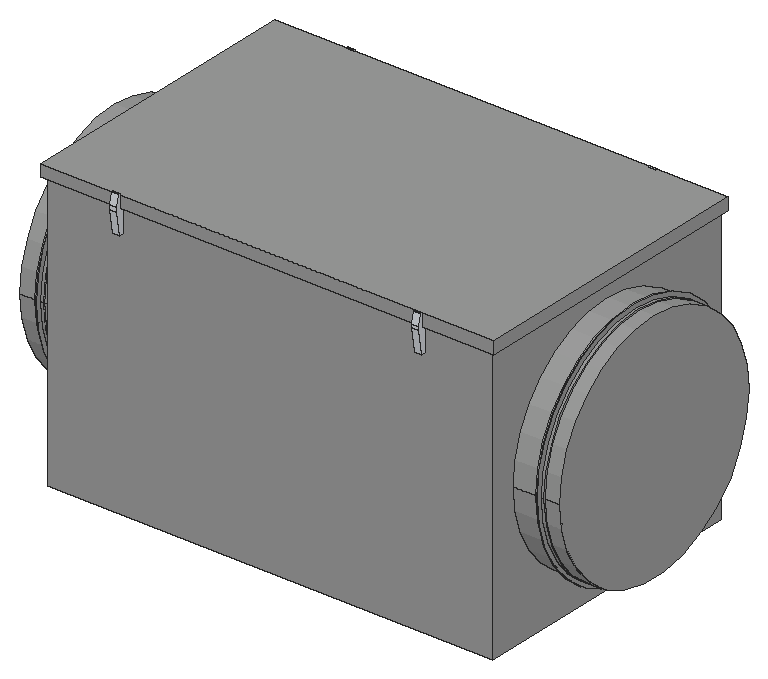
Revit family "Фильтр К Naveka (2)", category Арматура воздуховодов, Revit 2019
Family settings
  Размер круглого соединителя = Использовать диаметр
  Тип детали = Вставляется
  Номер OmniClass = 23.75.00.00
  Заголовок OmniClass = Climate Control (HVAC)
  На основе рабочей плоскости = Нет
  Всегда вертикально = Да
  При загрузке вырезать с полостями = Нет
  Общий = Нет
Parameters (values of type "К-250")
  Прижимы 4 шт. = yes
  Прижимы 2 шт. = no
  Материал = RAL 0000 Серый металл
  d = 250 mm
  L = 468 mm
  H = 304 mm
  D+4.5 = D + 4.5 mm  # 128.5 mm
  D+0.5 = D + 0.5 mm  # 124.5 mm
  D = 124 mm
  B = 300 mm
  ADSK_Примечание = "https://progress-nw.ru/filtry/korpus-karmannye-filtry-kruglye/"  # constant formula
  ADSK_Позиция = ""
  ADSK_Наименование = "Корпус карманного фильтра круглого"
  ADSK_Масса = 0
  ADSK_Марка = "К-250"
  ADSK_Код изделия = ""
  ADSK_Завод-изготовитель = "Naveka"  # constant formula
  ADSK_Единица измерения = "шт."  # constant formula
Types (13, lengths in mm): name | Прижимы 4 шт. | Прижимы 2 шт. | d | L | H | D+4.5 | D+0.5 | D | B | ADSK_Наименование | ADSK_Марка
  (no name) | yes | no | 250 | 468 | 304 | 128.5 | 124.5 | 124 | 300 | "Корпус карманного фильтра круглого" | "К-250"
  К-100 компакт | no | yes | 100 | 150 | 204 | 53.5 | 49.5 | 49 | 200 | "Корпус компактного фильтра круглого" | "К-100 компакт"
  К-125 компакт | no | yes | 125 | 150 | 204 | 66 | 62 | 61.5 | 200 | "Корпус компактного фильтра круглого" | "К-125 компакт"
  К-160 компакт | no | yes | 160 | 150 | 204 | 83.5 | 79.5 | 79 | 200 | "Корпус компактного фильтра круглого" | "К-160 компакт"
  К-200 компакт | no | yes | 200 | 150 | 245 | 103.5 | 99.5 | 99 | 241 | "Корпус компактного фильтра круглого" | "К-200 компакт"
  К-250 компакт | no | yes | 250 | 150 | 304 | 128.5 | 124.5 | 124 | 300 | "Корпус компактного фильтра круглого" | "К-250 компакт"
  К-315 компакт | no | yes | 315 | 150 | 345 | 161 | 157 | 156.5 | 341 | "Корпус компактного фильтра круглого" | "К-315 компакт"
  К-100 | yes | no | 100 | 402 | 204 | 53.5 | 49.5 | 49 | 200 | "Корпус карманного фильтра круглого" | "К-100"
  К-125 | yes | no | 125 | 402 | 204 | 66 | 62 | 61.5 | 200 | "Корпус карманного фильтра круглого" | "К-125"
  К-160 | yes | no | 160 | 402 | 204 | 83.5 | 79.5 | 79 | 200 | "Корпус карманного фильтра круглого" | "К-160"
  К-200 | yes | no | 200 | 408 | 245 | 103.5 | 99.5 | 99 | 241 | "Корпус карманного фильтра круглого" | "К-200"
  К-250 | yes | no | 250 | 468 | 304 | 128.5 | 124.5 | 124 | 300 | "Корпус карманного фильтра круглого" | "К-250"
  К-315 | yes | no | 315 | 518 | 345 | 161 | 157 | 156.5 | 341 | "Корпус карманного фильтра круглого" | "К-315"
Reference planes
  plane 1 "По центру (Вперед/Назад)": y = 0
  plane 2: z = 0
  plane 3 "По центру (Влево/Вправо)": x = 0
  plane 4: y = 150
  plane 5: y = -150
  plane 6: x = 234
  plane 7: z = 139
  plane 8: z = -152
  plane 9: x = 259
  plane 10: x = 263
  plane 11: x = 264
  plane 12: x = 268
  plane 13: x = 284
  plane 14: x = -234
  plane 15: x = -259
  plane 16: x = -263
  plane 17: x = -264
  plane 18: x = -268
  plane 19: x = -284
  plane 20: x = -238
  plane 21: y = 154
  plane 22: x = 238
  plane 23: y = -154
  plane 24: z = -12
  plane 25: z = -24
  plane 26: z = -35.309
  plane 27: z = 152
  plane 28 "По центру Л/Р": x = -159
  plane 29 "По центру Л/С": x = 159
  plane 30 "По центру Л/Ф": x = -163
  plane 31 "По центру Л/Х": x = -155
  plane 32 "По центру Л/Ц": x = 155
  plane 33 "По центру Л/Ч": x = 163
  plane 34: y = 157.748
  plane 35: z = 112.669
  plane 36: y = -157.748
Forms (mm)
  Extrusion 1, solid, material "RAL 0000 Серый металл" <- "Материал", detail levels fine
    sketch origin (0, 0, 0) x (0, 1, 0) y (0, 0, 1)
      loop
        circle (0, 0) r 124
    from 234 to 284
  Extrusion 2, solid, material "Каучук, черный", detail levels fine
    sketch origin (0, 0, -17.195) x (0, 1, 0) y (0, 0, 1)
      loop
        circle (0, 17.195) r 124.5
    from 259 to 268
  Extrusion 3, solid, material "Каучук, черный", detail levels fine
    sketch origin (0, 0, -17.195) x (0, 1, 0) y (0, 0, 1)
      loop
        circle (0, 17.195) r 128.5
    from 263 to 264
  Extrusion 4, solid, material "RAL 0000 Серый металл" <- "Материал", detail levels fine
    sketch origin (0, 0, 0) x (0, 1, 0) y (0, 0, -1)
      loop
        circle (0, 0) r 124
    from 234 to 284
  Extrusion 5, solid, material "Каучук, черный", detail levels fine
    sketch origin (0, 0, -17.195) x (0, 1, 0) y (0, 0, -1)
      loop
        circle (0, -17.195) r 124.5
    from 259 to 268
  Extrusion 6, solid, material "Каучук, черный", detail levels fine
    sketch origin (0, 0, -17.195) x (0, 1, 0) y (0, 0, -1)
      loop
        circle (0, -17.195) r 128.5
    from 263 to 264
  Extrusion 7, solid, material "RAL 0000 Серый металл" <- "Материал"
    sketch origin (0, 0, 0) x (0, 1, 0) y (0, 0, 1)
      loop
        line (150, 139) -> (-150, 139) -> (-150, -152) -> (150, -152) -> (150, 139)
    from -234 to 234
  Extrusion 8, solid, material "RAL 0000 Серый металл" <- "Материал", detail levels fine
    sketch origin (0, 0, 0) x (1, 0, 0) y (0, 1, 0)
      loop
        line (-238, 154) -> (-238, -154) -> (238, -154) -> (238, 154) -> (-238, 154)
    from 152 to 139
  Extrusion 9, solid
    sketch origin (0, 0, 0) x (0, 1, 0) y (0, 0, 1)
      loop
        line (150, 139) -> (150, 112.669) -> (154, 112.669) -> (157.748, 136.314) -> (157.748, 140.727) -> (155.352, 152) -> (153.926, 152) -> (154.723, 139) -> (150, 139)
    from 155 to 163
  Extrusion 10, solid
    sketch origin (0, 0, 0) x (0, 1, 0) y (0, 0, 1)
      loop
        line (150, 139) -> (150, 112.669) -> (154, 112.669) -> (157.748, 136.314) -> (157.748, 140.727) -> (155.352, 152) -> (153.926, 152) -> (154.723, 139) -> (150, 139)
    from -163 to -155
  Extrusion 11, solid
    sketch origin (0, 0, 0) x (0, -1, 0) y (0, 0, -1)
      loop
        line (150, -139) -> (154.723, -139) -> (153.926, -152) -> (155.352, -152) -> (157.748, -140.727) -> (157.748, -136.314) -> (154, -112.669) -> (150, -112.669) -> (150, -139)
    from 155 to 163
  Extrusion 12, solid
    sketch origin (0, 0, 0) x (0, -1, 0) y (0, 0, -1)
      loop
        line (150, -139) -> (154.723, -139) -> (153.926, -152) -> (155.352, -152) -> (157.748, -140.727) -> (157.748, -136.314) -> (154, -112.669) -> (150, -112.669) -> (150, -139)
    from -163 to -155
Lines and regions (mm)
  model lines, not visible, detail levels coarse
    curve 1: circle (0, 0, 0) r 95 normal (0, 0, 1)
    curve 2: line (95, 0, 0) -> (-55.84, 76.857, 0)
    curve 3: line (-55.84, 76.857, 0) -> (-55.84, -76.857, 0)
    curve 4: line (-55.84, -76.857, 0) -> (95, 0, 0)
  model lines, not visible, detail levels medium
    curve 5: circle (0, 0, 0) r 75 normal (0, -1, 0)
    curve 6: line (75, 0, 0) -> (-46.678, 0, 58.704)
    curve 7: line (-47.5, 0, 58.041) -> (-47.5, 0, -58.041)
    curve 8: line (-46.678, 0, -58.704) -> (75, 0, 0)
Dimensions and locks
  "B": plane 5 to plane 4
  "L": plane 14 to plane 6
  equal spacing: plane 20, plane 3 "По центру (Влево/Вправо)", plane 22
  equal spacing: plane 5, plane 1 "По центру (Вперед/Назад)", plane 4
  "H": plane 27 to plane 8
  locked: plane 6 to plane 9 at 25
  locked: plane 9 to plane 10 at 4
  locked: plane 10 to plane 11 at 1
  locked: plane 11 to plane 12 at 4
  locked: plane 12 to plane 13 at 16
  locked: plane 14 to plane 15 at 25
  locked: plane 15 to plane 16 at 4
  locked: plane 16 to plane 17 at 1
  locked: plane 17 to plane 18 at 4
  locked: plane 18 to plane 19 at 16
  locked: plane 23 to plane 5 at 4
  locked: plane 21 to plane 4 at 4
  locked: plane 6 to plane 22 at 4
  locked: plane 20 to plane 14 at 4
  locked: level to plane 25 at 24
  equal spacing: level, plane 24, plane 25
  locked: level to plane 26 at 35.309
  locked: plane 30 "По центру Л/Ф" to plane 31 "По центру Л/Х" at 8
  equal spacing: plane 30 "По центру Л/Ф", plane 28 "По центру Л/Р", plane 31 "По центру Л/Х"
  locked: plane 32 "По центру Л/Ц" to plane 33 "По центру Л/Ч" at 8
  equal spacing: plane 32 "По центру Л/Ц", plane 29 "По центру Л/С", plane 33 "По центру Л/Ч"
  locked: plane 21 to plane 34 at 3.748
  plane 27 to plane 35 = 39.331 mm
  locked: plane 36 to plane 23 at 3.748
  locked: plane 27 to plane 7 at 13
  locked: plane 7 to plane 35 at 26.331
  equal spacing: plane 27, level, plane 8
  locked: plane 14 to plane 28 "По центру Л/Р" at 75
  locked: plane 29 "По центру Л/С" to plane 6 at 75
  "D": radius of Extrusion 1 sketch curve
  "D+0.5": radius of Extrusion 2 sketch curve
  "D+4.5": radius of Extrusion 3 sketch curve
  "D": radius of Extrusion 4 sketch curve
  "D+0.5": radius of Extrusion 5 sketch curve
  "D+4.5": radius of Extrusion 6 sketch curve
  aligned and locked: level to plane 2
  aligned and locked: plane 6 to Extrusion 1
  aligned and locked: Extrusion 1 to plane 13
  aligned and locked: level to Extrusion 1
  aligned and locked: level to Extrusion 2
  aligned and locked: Extrusion 3 to plane 11
  aligned and locked: plane 10 to Extrusion 3
  aligned and locked: level to Extrusion 3
  aligned and locked: Extrusion 4 to plane 19
  aligned and locked: Extrusion 5 to plane 18
  aligned and locked: Extrusion 6 to plane 17
  aligned and locked: plane 16 to Extrusion 6
  aligned and locked: plane 15 to Extrusion 5
  aligned and locked: plane 14 to Extrusion 4
  aligned and locked: Extrusion 7 to plane 14
  aligned and locked: Extrusion 7 to plane 6
  aligned and locked: plane 8 to Extrusion 7
  aligned and locked: Extrusion 2 to plane 12
  aligned and locked: plane 9 to Extrusion 2
  aligned and locked: plane 7 to Extrusion 8
  aligned and locked: Extrusion 8 to plane 27
  aligned and locked: Extrusion 9 to plane 33 "По центру Л/Ч"
  aligned and locked: Extrusion 9 to plane 32 "По центру Л/Ц"
  aligned and locked: Extrusion 9 sketch curve to plane 7
  aligned and locked: plane 27 to Extrusion 9 sketch curve
  aligned and locked: plane 4 to Extrusion 9 sketch curve
  aligned and locked: Extrusion 10 to plane 30 "По центру Л/Ф"
  aligned and locked: Extrusion 10 to plane 31 "По центру Л/Х"
  aligned and locked: Extrusion 9 sketch curve to plane 34
  aligned and locked: plane 35 to Extrusion 9 sketch curve
  aligned and locked: Extrusion 10 sketch curve to plane 34
  aligned and locked: plane 27 to Extrusion 10 sketch curve
  aligned and locked: Extrusion 10 sketch curve to plane 7
  aligned and locked: plane 4 to Extrusion 10 sketch curve
  aligned and locked: plane 35 to Extrusion 10 sketch curve
  aligned and locked: plane 36 to Extrusion 11 sketch curve
  aligned and locked: Extrusion 11 sketch curve to plane 27
  aligned and locked: plane 7 to Extrusion 11 sketch curve
  aligned and locked: Extrusion 11 sketch curve to plane 5
  aligned and locked: Extrusion 11 sketch curve to plane 35
  aligned and locked: Extrusion 12 to plane 30 "По центру Л/Ф"
  aligned and locked: Extrusion 12 to plane 31 "По центру Л/Х"
  aligned and locked: Extrusion 11 to plane 33 "По центру Л/Ч"
  aligned and locked: Extrusion 11 to plane 32 "По центру Л/Ц"
Automatic sketch dimensions
  curve 5 to curve 8 = 75 mm
  curve 5 to curve 6 = 0 mm
  curve 8 to curve 5 = 46.678 mm
  curve 6 to curve 5 = 46.678 mm
  curve 7 to curve 8 = 0.822 mm
  Extrusion 7 sketch curve to plane 5 = 0 mm
  Extrusion 7 sketch curve to plane 4 = 0 mm
  plane 8 to Extrusion 7 sketch curve = 0 mm
  Extrusion 7 sketch curve to plane 7 = 0 mm
  Extrusion 8 sketch curve to plane 20 = 0 mm
  Extrusion 8 sketch curve to plane 22 = 0 mm
  plane 23 to Extrusion 8 sketch curve = 0 mm
  Extrusion 8 sketch curve to plane 21 = 0 mm
  Extrusion 9 sketch curve to plane 21 = 0 mm
  Extrusion 9 sketch curve to plane 21 = 0.074 mm
  plane 21 to Extrusion 9 sketch curve = 0.723 mm
  plane 21 to Extrusion 9 sketch curve = 1.352 mm
  Extrusion 9 sketch curve to plane 7 = 2.686 mm
  plane 7 to Extrusion 9 sketch curve = 1.727 mm
  Extrusion 10 sketch curve to plane 21 = 0 mm
  Extrusion 10 sketch curve to plane 21 = 0.074 mm
  plane 21 to Extrusion 10 sketch curve = 0.723 mm
  plane 21 to Extrusion 10 sketch curve = 1.352 mm
  Extrusion 10 sketch curve to plane 7 = 2.686 mm
  plane 7 to Extrusion 10 sketch curve = 1.727 mm
  Extrusion 11 sketch curve to plane 23 = 0 mm
  plane 23 to Extrusion 11 sketch curve = 0.074 mm
  Extrusion 11 sketch curve to plane 23 = 0.723 mm
  Extrusion 11 sketch curve to plane 23 = 1.352 mm
  Extrusion 11 sketch curve to plane 7 = 1.727 mm
  plane 7 to Extrusion 11 sketch curve = 2.686 mm
  Extrusion 12 sketch curve to plane 5 = 0 mm
  Extrusion 12 sketch curve to plane 27 = 0 mm
  Extrusion 12 sketch curve to plane 23 = 0 mm
  Extrusion 12 sketch curve to plane 7 = 0 mm
  Extrusion 12 sketch curve to plane 35 = 0 mm
  plane 23 to Extrusion 12 sketch curve = 0.074 mm
  Extrusion 12 sketch curve to plane 23 = 0.723 mm
  Extrusion 12 sketch curve to plane 23 = 1.352 mm
  Extrusion 12 sketch curve to plane 7 = 1.727 mm
  Extrusion 12 sketch curve to Extrusion 12 sketch curve = 3.026 mm
  plane 7 to Extrusion 12 sketch curve = 2.686 mm
  Extrusion 1 sketch curve to level = 0 mm
  Extrusion 1 sketch curve to plane 1 "По центру (Вперед/Назад)" = 0 mm
  Extrusion 2 sketch curve to level = 0 mm
  Extrusion 2 sketch curve to plane 1 "По центру (Вперед/Назад)" = 0 mm
  Extrusion 3 sketch curve to level = 0 mm
  Extrusion 3 sketch curve to plane 1 "По центру (Вперед/Назад)" = 0 mm
  Extrusion 4 sketch curve to level = 0 mm
  Extrusion 4 sketch curve to plane 1 "По центру (Вперед/Назад)" = 0 mm
  Extrusion 5 sketch curve to level = 0 mm
  Extrusion 5 sketch curve to plane 1 "По центру (Вперед/Назад)" = 0 mm
  Extrusion 6 sketch curve to level = 0 mm
  Extrusion 6 sketch curve to plane 1 "По центру (Вперед/Назад)" = 0 mm
Connectors
  hvac at (-284, 0, 0), driven by "d"
    settings: on Extrusion 4, index 1, duct flow 0.0 L/s, flow factor 0, pres drop 0.0 Pa, loss coef 0, conn angle 0.00°, conn width 304.8 mm, conn height 304.8 mm, conn diameter 250 mm, duct sys type 28, conn prof type 0, flow config 0, flow direction 0, loss method 0, conn ref index 2, conn util no, is conn primary yes, conn desc ""
  hvac at (284, 0, 0), driven by "d"
    settings: on Extrusion 1, index 2, duct flow 0.0 L/s, flow factor 0, pres drop 0.0 Pa, loss coef 0, conn angle 0.00°, conn width 304.8 mm, conn height 304.8 mm, conn diameter 250 mm, duct sys type 28, conn prof type 0, flow config 0, flow direction 0, loss method 0, conn ref index 1, conn util no, is conn primary no, conn desc ""
